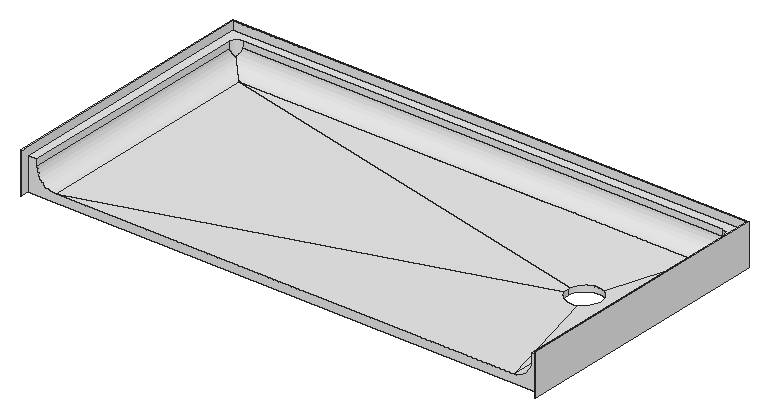
Revit family "P6331E1B", category Plumbing Fixtures, Revit 2014
Parameters (values of type "P6331A2B")
  Unit Width = 5' - 3"
  Unit Height = 0' - 5"
  URL = "http://www.best-bath.com/"
  Type Comments = "ADA Compliant"
  Threshold Height = 0' - 1"
  Model = "P6331A2B"
  Material [instance] = Best Bath Gelcoat Fiberglass - Smooth
  Manufacturer = "Best Bath Systems, Inc."
  Keynote = "22 40 00.B3"
  Description = "Shower Pan, Beveled Threshold"
  Assembly Code = "D2010700"
Reference planes (in)
  plane 1 "Back": y = -0.5
  plane 2: z = 0
  plane 3 "Left": x = 0
  plane 4: x = 63
  plane 5: y = -32
  plane 6: z = 4
  plane 7: z = 1
  plane 8: z = 5
  plane 9: x = 55
  plane 10: y = -1.75
  plane 11: y = -15.5
  plane 12: z = 0.625
  plane 13: y = -33
Forms (in)
  Extrusion 1, solid, material "Best Bath Gelcoat Fiberglass - Smooth"
    sketch origin (0, 0, 0) x (1, 0, 0) y (0, 1, 0)
      loop
        line (0, -0.5) -> (0, -32) -> (63, -32) -> (63, -0.5) -> (0, -0.5)
      loop
        circle (55, -15.5) r 2.0625
    from 0 to 1
  Extrusion 2, solid, material "Best Bath Gelcoat Fiberglass - Smooth"
    sketch origin (0, 0, 0) x (1, 0, 0) y (0, 1, 0)
      loop
        line (0, -0.5) -> (0, -32) -> (1.25, -32) -> (1.25, -2.75)
        arc (1.25, -2.75) -> (1.54289, -2.04289) -> (2.25, -1.75) r 1
        line (2.25, -1.75) -> (60.75, -1.75)
        arc (60.75, -1.75) -> (61.45711, -2.04289) -> (61.75, -2.75) r 1
        line (61.75, -2.75) -> (61.75, -32) -> (63, -32) -> (63, -0.5) -> (0, -0.5)
    from 0 to 4
  Sweep 3, solid, material "Best Bath Gelcoat Fiberglass - Smooth"
    path origin (0, 0, 0) x (1, 0, 0) y (0, 1, 0)
      loop
        line (61.75, -32) -> (61.75, -1.75) -> (1.25, -1.75) -> (1.25, -32)
    profile origin (1.25, -16.875, 0) x (1, 0, 0) y (0, 0, 1)
      loop
        line (0, 1) -> (2.25, 1)
        arc (2.25, 1) -> (0.65901, 1.65901) -> (0, 3.25) r 2.25
        line (0, 3.25) -> (0, 1)
  Blend 4, void
    base sketch origin (0, 0, 0) x (1, 0, 0) y (0, 1, 0)
      loop
        line (3.5, -32) -> (59.5, -32) -> (59.5, -4) -> (3.5, -4) -> (3.5, -32)
    top sketch origin (0, 0, 0) x (1, 0, 0) y (0, 1, 0)
      loop
        circle (55, -15.5) r 0.12408
    from 1 to 0.625
  Extrusion 5, solid, material "Best Bath Gelcoat Fiberglass - Smooth"
    sketch origin (0, 0, 0) x (1, 0, 0) y (0, 1, 0)
      loop
        line (0, -33) -> (0.125, -33) -> (0.125, -0.625) -> (62.875, -0.625) -> (62.875, -33) -> (63, -33) -> (63, -0.5) -> (0, -0.5) -> (0, -33)
    from 0 to 5
Cuts and joins
  Blend 4 cuts Extrusion 1
  Blend 4 cuts Extrusion 2
  Blend 4 cuts Sweep 3
  joined: Extrusion 1, Extrusion 2, Sweep 3, Extrusion 5
Dimensions and locks (in)
  "Unit Width": plane 3 "Left" to plane 4
  "Threshold Height": plane 7 to level
  plane 3 "Left" to plane 9 to plane 4 = 4' - 7", 0' - 8"
  locked: plane 1 "Back" to plane 11 at 15
  plane 10 to plane 1 "Back" = 0' - 1 1/4"
  Extrusion 2 sketch curve to Extrusion 1 = 0' - 1 1/4"
  Extrusion 1 to Extrusion 2 sketch curve = 0' - 1 1/4"
  locked: plane 8 to plane 6 at 1
  "Unit Height": plane 8 to cut or joined group of Extrusion 1, Extrusion 2, Sweep 3, Blend 4, Extrusion 5
  locked: plane 6 to plane 7 at 3
  locked: plane 7 to plane 12 at 0.375
  locked: plane 5 to plane 13 at 1
  locked: plane 13 to plane 1 "Back" at 32.5
  aligned and locked: level to plane 2
  aligned and locked: plane 7 to Extrusion 1
  aligned and locked: plane 5 to Extrusion 1 sketch curve
  aligned and locked: plane 4 to Extrusion 1 sketch curve
  aligned and locked: plane 9 to Extrusion 1 sketch curve
  aligned and locked: Extrusion 2 sketch curve to Extrusion 1  (x4)
  aligned and locked: Extrusion 2 sketch curve to plane 10
  aligned and locked: Sweep 3 sketch curve to cut or joined group of Extrusion 1, Extrusion 2, Sweep 3, Blend 4, Extrusion 5  (x2)
  aligned and locked: plane 10 to Sweep 3 sketch curve
  aligned and locked: Sweep 3 sketch curve to plane 7
  aligned and locked: cut or joined group of Extrusion 1, Extrusion 2, Sweep 3, Blend 4, Extrusion 5 to level
  aligned and locked: plane 6 to cut or joined group of Extrusion 1, Extrusion 2, Sweep 3, Blend 4, Extrusion 5
  aligned and locked: plane 11 to Extrusion 1 sketch curve
  aligned and locked: plane 11 to Blend 4 sketch curve
  aligned and locked: plane 9 to Blend 4 sketch curve
  aligned and locked: Extrusion 1 to Blend 4
  aligned and locked: Blend 4 to plane 12
  aligned and locked: plane 8 to Extrusion 5
Automatic sketch dimensions
  Extrusion 1 sketch curve to plane 3 "Left" = 0' - 0"
  plane 1 "Back" to Extrusion 1 sketch curve = 0' - 0"
  Extrusion 2 sketch curve to plane 5 = 0' - 0"
  Extrusion 2 sketch curve to Extrusion 2 sketch curve = 0' - 1"  (x2)
  Sweep 3 sketch curve to plane 5 = 0' - 0"  (x2)
  profile plane to Sweep 3 sketch curve = 0' - 0"
  Sweep 3 sketch curve to profile plane = 0' - 2 1/4"
  Blend 4 sketch curve to plane 5 = 0' - 0"
  plane 3 "Left" to Blend 4 sketch curve = 0' - 3 1/2"
  Blend 4 sketch curve to plane 10 = 0' - 2 1/4"
  plane 4 to Blend 4 sketch curve = 0' - 3 1/2"
  plane 1 "Back" to Extrusion 5 sketch curve = 0' - 0"
  Extrusion 5 sketch curve to plane 3 "Left" = 0' - 0"
  Extrusion 5 sketch curve to plane 13 = 0' - 0"  (x2)
  Extrusion 5 sketch curve to plane 4 = 0' - 0"
  plane 3 "Left" to Extrusion 5 sketch curve = 0' - 0 1/8"
  Extrusion 5 sketch curve to Extrusion 5 sketch curve = 0' - 0 1/8"
  plane 1 "Back" to Extrusion 5 sketch curve = 0' - 0 1/8"
  radius of Extrusion 1 sketch curve = 0' - 2 1/16"
  radius of Blend 4 sketch curve = 0' - 0.12408"
